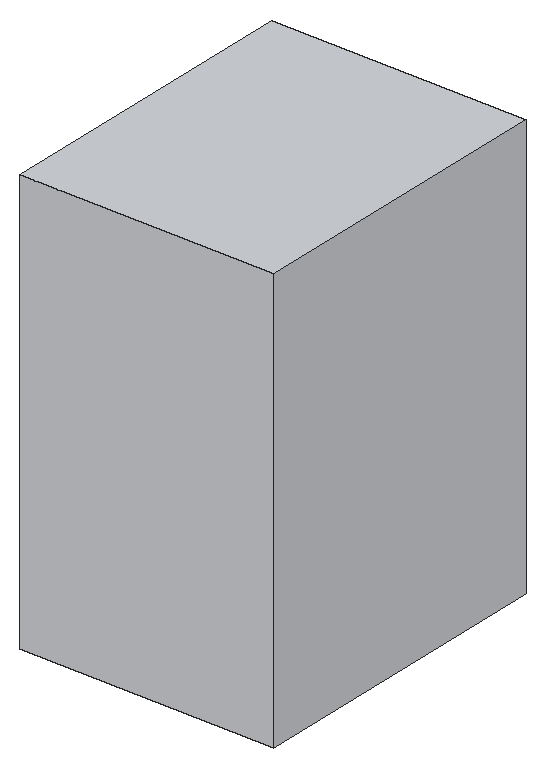
Revit family
Parameters
  box depth [instance] = 0' - 4"
  Warranty Duration (Years) = 0
  Unit Width [instance] = 0' - 0"
  Unit Height [instance] = 0' - 0"
  Unit Depth = 0' - 0"
  URL = "http://www.americanspecialties.com/viewCategories.cfm"
  Trim Material = Metal - Stainless Steel
  Test Data = ""
  Specification = "http://www.arcat.com/sdspecs/htm/10810asi.htm"
  SpecWizard = ""
  Send Message = "http://www.arcat.com/users.pl?action=UserEmail&company=American%20Specialties,%20Inc.&coid=30448&rep=139&fax=914-476-0688&mf="
  Sales Information = "http://www.americanspecialties.com/contact"
  Revision = "R1_10-2010"
  Product Properties = "http://www.americanspecialties.com/datasheets/20826.pdf"
  Product Data = "http://www.arcat.com/arcatcos/cos30/arc30448.html"
  Model = "As Specified in 10 28 13"
  Manufacturer Website = "http://www.americanspecialties.com/viewCategories.cfm"
  Manufacturer Phone - Toll Free = ""
  Manufacturer Phone = "914-476-9000 "
  Manufacturer Fax = "914-476-0688"
  Manufacturer Address = "441 Saw Mill River Rd., Yonkers, NY 10701"
  Manufacturer = "American Specialties, Inc."
  Maintenance Schedule (Months) = 0
  Keynote = "10 28 13"
  Installation-Fabrication = "http://www.americanspecialties.com/products.cfm"
  Green Building-LEED = ""
  Expected Lifespan (Years) = 0
  Drawn By = "Robert S. Weygant. CSI, CDT, SCIP"  # constant formula
  Description = "Toilet Accessory as Specified in 10 28 13"
  Default Elevation = 4' - 0"
  Copyright = "©Arcat Inc."
  Construction Details = "http://www.arcat.com/green/clients/leed_data_30448.html"
  Building Codes = "http://www.americanspecialties.com/products.cfm"
  Body Material = Metal - Stainless Steel
  Assembly Code = "C1030210"
Reference planes (in)
  plane 1 "Center (Front/Back)": y = -0.29112
  plane 2 "Floor Line": z = 0
  plane 3 "Center (Left/Right)": x = -0.65843
Forms (in)
  Extrusion 1, solid
    sketch origin (-3, -9, -6) x (0, 0, -1) y (1, 0, 0)
      loop
        line (-82, 26) -> (-82, -19.34712) -> (-6, -19.34712) -> (-6, 26) -> (-82, 26)
    from 15.29112 to -41.06337
  Extrusion 2, solid, material "Metal - Stainless Steel" <- "Body Material"
    sketch origin (0, -0.29112, 0) x (1, 0, 0) y (0, 0, 1)
      loop
        line (-7.72093, 0) -> (6.40407, 0)
        arc (6.40407, 0) -> (6.75762, 0.14645) -> (6.90407, 0.5) r 0.5
        line (6.90407, 0.5) -> (6.90407, 4.58384)
        arc (6.90407, 4.58384) -> (6.70177, 5.46035) -> (6.13581, 6.15954) r 2
        arc (6.13581, 6.15954) -> (-0.65843, 8.5) -> (-7.45268, 6.15954) r 11.0319
        arc (-7.45268, 6.15954) -> (-8.01864, 5.46035) -> (-8.22093, 4.58384) r 2
        line (-8.22093, 4.58384) -> (-8.22093, 0.5)
        arc (-8.22093, 0.5) -> (-8.07449, 0.14645) -> (-7.72093, 0) r 0.5
    from -11.5 to 11.5
  Extrusion 3, void
    sketch origin (0, 0, 0) x (1, 0, 0) y (0, 1, 0)
      loop
        line (5.58084, 9.14683) -> (5.58084, 9.52138)
        arc (5.58084, 9.52138) -> (5.40407, 9.69816) -> (5.22729, 9.52138) r 0.17678
        line (5.22729, 9.52138) -> (5.22729, 9.14683)
        arc (5.22729, 9.14683) -> (5.40407, 8.48709) -> (5.58084, 9.14683) r 0.35355
      loop
        line (5.58084, -5.35317) -> (5.58084, -4.97862)
        arc (5.58084, -4.97862) -> (5.40407, -4.80184) -> (5.22729, -4.97862) r 0.17678
        line (5.22729, -4.97862) -> (5.22729, -5.35317)
        arc (5.22729, -5.35317) -> (5.40407, -6.01291) -> (5.58084, -5.35317) r 0.35355
      loop
        line (-6.54416, 9.14683) -> (-6.54416, 9.52138)
        arc (-6.54416, 9.52138) -> (-6.72093, 9.69816) -> (-6.89771, 9.52138) r 0.17678
        line (-6.89771, 9.52138) -> (-6.89771, 9.14683)
        arc (-6.89771, 9.14683) -> (-6.72093, 8.48709) -> (-6.54416, 9.14683) r 0.35355
      loop
        line (-6.54416, -5.35317) -> (-6.54416, -4.97862)
        arc (-6.54416, -4.97862) -> (-6.72093, -4.80184) -> (-6.89771, -4.97862) r 0.17678
        line (-6.89771, -4.97862) -> (-6.89771, -5.35317)
        arc (-6.89771, -5.35317) -> (-6.72093, -6.01291) -> (-6.54416, -5.35317) r 0.35355
    from 0 to 0.32404
  Extrusion 4, void
    sketch origin (0, -0.29112, 0) x (1, 0, 0) y (0, 0, 1)
      loop
        line (-7.97093, 4.58384) -> (-7.97093, 0.5)
        arc (-7.97093, 0.5) -> (-7.89771, 0.32322) -> (-7.72093, 0.25) r 0.25
        line (-7.72093, 0.25) -> (6.40407, 0.25)
        arc (6.40407, 0.25) -> (6.58084, 0.32322) -> (6.65407, 0.5) r 0.25
        line (6.65407, 0.5) -> (6.65407, 4.58384)
        arc (6.65407, 4.58384) -> (6.47706, 5.35078) -> (5.98184, 5.96257) r 1.75
        arc (5.98184, 5.96257) -> (-0.65843, 8.25) -> (-7.29871, 5.96257) r 10.7819
        arc (-7.29871, 5.96257) -> (-7.79393, 5.35078) -> (-7.97093, 4.58384) r 1.75
    from -11.5 to 11.26578
Cuts and joins
  Extrusion 3, Extrusion 4 cuts Extrusion 2
Dimensions and locks (in)
  aligned and locked: Extrusion 1 to level
  aligned and locked: Extrusion 2 to Extrusion 4
